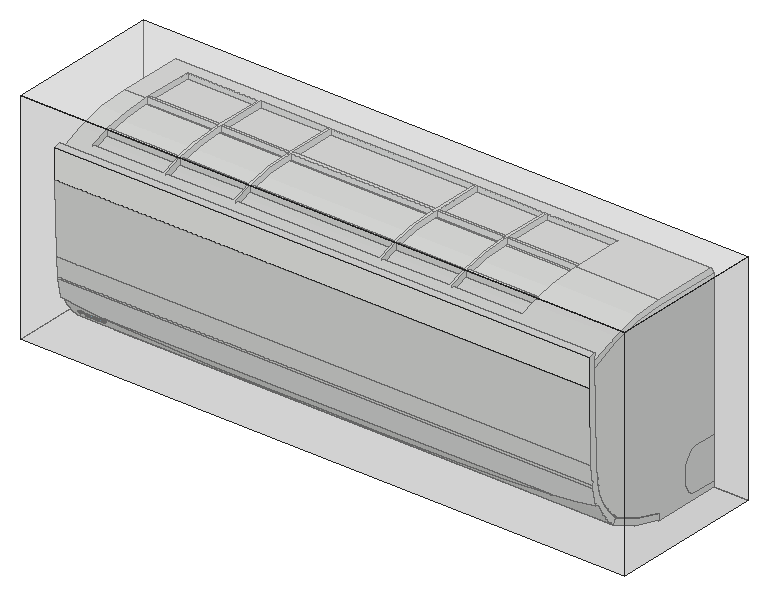
Revit family "outputfile", category 機械設備, Revit 2024 (continued)
Definition of nested family "DAIKIN_indoorunit_FTXV-W2VMA"
  Automatic sketch dimensions
    plane 1 "Center (Front/Back)" to Extrusion 20 sketch curve = 108.136 mm
    Extrusion 20 sketch curve to Extrusion 20 sketch curve = 14.543 mm
    plane 1 "Center (Front/Back)" to Extrusion 20 sketch curve = 92.093 mm
    Extrusion 20 sketch curve to Extrusion 20 sketch curve = 1.354 mm
    Extrusion 20 sketch curve to level = 72.0 mm
    Extrusion 20 sketch curve to Extrusion 20 sketch curve = 0.504 mm
    Extrusion 20 sketch curve to Extrusion 20 sketch curve = 98.416 mm
    Extrusion 20 sketch curve to Extrusion 20 sketch curve = 0.896 mm
    Extrusion 20 sketch curve to Extrusion 20 sketch curve = 76.3 mm
    Extrusion 20 sketch curve to Extrusion 20 sketch curve = 7.433 mm
    Extrusion 20 sketch curve to Extrusion 20 sketch curve = 26.684 mm
    Extrusion 20 sketch curve to Extrusion 20 sketch curve = 8.909 mm
    plane 1 "Center (Front/Back)" to Extrusion 21 sketch curve = 218.957 mm
    Extrusion 21 sketch curve to Extrusion 21 sketch curve = 5.601 mm
    Extrusion 21 sketch curve to Extrusion 21 sketch curve = 65.735 mm
    Extrusion 21 sketch curve to Extrusion 21 sketch curve = 1.462 mm
    Extrusion 21 sketch curve to Extrusion 21 sketch curve = 83.356 mm
    plane 1 "Center (Front/Back)" to Extrusion 21 sketch curve = 92.093 mm
    Extrusion 21 sketch curve to Extrusion 21 sketch curve = 1.354 mm
    Extrusion 21 sketch curve to level = 291.755 mm
    Extrusion 21 sketch curve to Extrusion 21 sketch curve = 8.588 mm
    Extrusion 21 sketch curve to Extrusion 21 sketch curve = 29.018 mm
    Extrusion 21 sketch curve to Extrusion 21 sketch curve = 7.433 mm
    Extrusion 21 sketch curve to Extrusion 21 sketch curve = 75.403 mm
    Extrusion 21 sketch curve to Extrusion 21 sketch curve = 0.896 mm
    Extrusion 21 sketch curve to level = 72.504 mm
    Extrusion 21 sketch curve to Extrusion 21 sketch curve = 0.504 mm
    plane 1 "Center (Front/Back)" to Extrusion 22 sketch curve = 164.0 mm
    Extrusion 22 sketch curve to Extrusion 22 sketch curve = 34.0 mm
    plane 1 "Center (Front/Back)" to Extrusion 22 sketch curve = 92.093 mm
    Extrusion 22 sketch curve to Extrusion 22 sketch curve = 1.354 mm
    Extrusion 22 sketch curve to level = 291.755 mm
    Extrusion 22 sketch curve to Extrusion 22 sketch curve = 8.588 mm
    Extrusion 22 sketch curve to Extrusion 22 sketch curve = 0.077 mm
    Extrusion 22 sketch curve to Extrusion 22 sketch curve = 9.207 mm
    plane 1 "Center (Front/Back)" to Extrusion 23 sketch curve = 218.957 mm
    Extrusion 23 sketch curve to Extrusion 23 sketch curve = 5.601 mm
    Extrusion 23 sketch curve to Extrusion 23 sketch curve = 49.356 mm
    Extrusion 23 sketch curve to Extrusion 23 sketch curve = 65.735 mm
    Extrusion 23 sketch curve to Extrusion 23 sketch curve = 1.462 mm
    plane 1 "Center (Front/Back)" to Extrusion 23 sketch curve = 92.093 mm
    Extrusion 23 sketch curve to Extrusion 23 sketch curve = 1.354 mm
    Extrusion 23 sketch curve to level = 283.089 mm
    Extrusion 23 sketch curve to Extrusion 23 sketch curve = 9.207 mm
    Extrusion 23 sketch curve to Extrusion 23 sketch curve = 19.733 mm
    Extrusion 23 sketch curve to Extrusion 23 sketch curve = 7.433 mm
    Extrusion 23 sketch curve to Extrusion 23 sketch curve = 75.403 mm
    Extrusion 23 sketch curve to Extrusion 23 sketch curve = 0.896 mm
    Extrusion 23 sketch curve to level = 72.504 mm
    Extrusion 23 sketch curve to Extrusion 23 sketch curve = 0.504 mm
    Extrusion 24 sketch curve to level = 276.055 mm
    plane 1 "Center (Front/Back)" to Extrusion 24 sketch curve = 639.709 mm
    plane 1 "Center (Front/Back)" to Extrusion 24 sketch curve = 258.299 mm
    Extrusion 24 sketch curve to Extrusion 24 sketch curve = 2.64 mm
    Extrusion 24 sketch curve to Extrusion 24 sketch curve = 35.942 mm
    Extrusion 24 sketch curve to Extrusion 24 sketch curve = 1.937 mm
    Extrusion 24 sketch curve to Extrusion 24 sketch curve = 20.299 mm
    Extrusion 24 sketch curve to Extrusion 24 sketch curve = 45.88 mm
    Extrusion 24 sketch curve to Extrusion 24 sketch curve = 41.737 mm
    Extrusion 24 sketch curve to Extrusion 24 sketch curve = 13.741 mm
    Extrusion 24 sketch curve to Extrusion 24 sketch curve = 3.448 mm
    Extrusion 24 sketch curve to level = 253.495 mm
    Extrusion 24 sketch curve to Extrusion 24 sketch curve = 2.571 mm
    Extrusion 24 sketch curve to Extrusion 24 sketch curve = 37.558 mm
    Extrusion 24 sketch curve to Extrusion 24 sketch curve = 33.63 mm
    Extrusion 24 sketch curve to Extrusion 24 sketch curve = 0.492 mm
    Extrusion 24 sketch curve to Extrusion 24 sketch curve = 40.059 mm
    Extrusion 24 sketch curve to Extrusion 24 sketch curve = 22.435 mm
    Extrusion 24 sketch curve to Extrusion 24 sketch curve = 1.992 mm
    Extrusion 24 sketch curve to Extrusion 24 sketch curve = 37.063 mm
    Extrusion 24 sketch curve to Extrusion 24 sketch curve = 0.0 mm
    Extrusion 24 sketch curve to Extrusion 24 sketch curve = 4.147 mm
    Extrusion 25 sketch curve to Extrusion 25 sketch curve = 0.0 mm  (x4)
    Extrusion 25 sketch curve to plane 1 "Center (Front/Back)" = 0.0 mm
    plane 1 "Center (Front/Back)" to Extrusion 25 sketch curve = 87.233 mm
    Extrusion 25 sketch curve to Extrusion 25 sketch curve = 3.506 mm
    Extrusion 25 sketch curve to Extrusion 25 sketch curve = 92.593 mm
    Extrusion 25 sketch curve to Extrusion 25 sketch curve = 45.42 mm
    Extrusion 25 sketch curve to Extrusion 25 sketch curve = 58.927 mm
    Extrusion 25 sketch curve to Extrusion 25 sketch curve = 74.393 mm
    Extrusion 25 sketch curve to Extrusion 25 sketch curve = 2.031 mm
    Extrusion 25 sketch curve to level = 58.927 mm
    Extrusion 25 sketch curve to plane 1 "Center (Front/Back)" = 1866.935 mm
    Extrusion 25 sketch curve to level = 72.504 mm
    Extrusion 25 sketch curve to Extrusion 25 sketch curve = 74.381 mm
    Extrusion 25 sketch curve to Extrusion 25 sketch curve = 24.427 mm
    Extrusion 25 sketch curve to Extrusion 25 sketch curve = 74.426 mm
    Extrusion 25 sketch curve to Extrusion 25 sketch curve = 0.483 mm
    Extrusion 25 sketch curve to Extrusion 25 sketch curve = 4.137 mm
    Extrusion 25 sketch curve to Extrusion 25 sketch curve = 31.393 mm
    Extrusion 25 sketch curve to Extrusion 25 sketch curve = 9.215 mm
    Extrusion 25 sketch curve to level = 8.0 mm
    Extrusion 26 sketch curve to plane 1 "Center (Front/Back)" = 0.0 mm
    Extrusion 26 sketch curve to Extrusion 26 sketch curve = 20.0 mm  (x2)
    Extrusion 26 sketch curve to level = 287.035 mm
    Extrusion 27 sketch curve to plane 1 "Center (Front/Back)" = 0.0 mm
    Extrusion 27 sketch curve to Extrusion 27 sketch curve = 20.0 mm  (x2)
    Extrusion 27 sketch curve to level = 287.035 mm
    plane 1 "Center (Front/Back)" to Extrusion 28 sketch curve = 0.0 mm  (x2)
    plane 3 "Center (Left/Right)" to Extrusion 28 sketch curve = 469.0 mm
    Extrusion 28 sketch curve to Extrusion 28 sketch curve = 20.0 mm  (x4)
    Extrusion 28 sketch curve to plane 3 "Center (Left/Right)" = 409.0 mm
  Nested families
    nested 1: "daikin_logo_plane_w40" at (-320, -198.871, -233.244) x (1, 0, 0) z (0, -0.7841, -0.6206), visible <- "switch_unit1_20-46", type "daikin_logo_plane_w40"
      with show_logo yes
    nested 2: "daikin_logo_plane_w40" at (-430, -237.74, -233.244) x (1, 0, 0) z (0, -0.7841, -0.6206), visible <- "switch_unit1_50-71", type "daikin_logo_plane_w40"
      with show_logo yes
  Definition of nested family "daikin_logo_plane_w40"
    Parameters (values of type "daikin_logo_plane_w40")
      width = 40.0 mm
      show_logo [instance] = yes
      material = none
      height = 0.0 mm
      depth = 0.0 mm
      Default Elevation = 1219.2 mm
    Reference planes
      plane 1 "Center (Front/Back)": y = 0
      plane 2: z = 0
      plane 3 "Center (Left/Right)": x = 0
      plane 4: z = 2
      plane 5 "left": x = -19
      plane 6: x = 19
    Forms (mm)
      Extrusion 1, solid, visible <- "show_logo"
        sketch origin (-19, 0, 0) x (1, 0, 0) y (0, 1, 0)
          loop
            line (8.902, -1.878) -> (7.789, -6.332) -> (11.13, -6.332)
            arc (11.13, -6.332) -> (12.454, -6.064) -> (13.472, -5.176) r 2.642
            arc (13.472, -5.176) -> (13.92, -4.02) -> (13.767, -2.79) r 2.537
            arc (13.767, -2.79) -> (13.452, -2.342) -> (12.982, -2.06) r 1.321
            arc (12.982, -2.06) -> (12.063, -1.902) -> (11.13, -1.878) r 6.479
            line (11.13, -1.878) -> (8.902, -1.878)
          loop
            line (10.016, -5.441) -> (10.907, -5.441)
            arc (10.907, -5.441) -> (11.591, -4.983) -> (11.988, -4.261) r 1.742
            spline (11.988, -4.261) -> (12.01, -4.155) -> (12.027, -4.03) -> (12.037, -3.893) -> (12.037, -3.747) -> (12.026, -3.598) -> (12.002, -3.451) -> (11.962, -3.31) -> (11.905, -3.181) -> (11.829, -3.069) -> (11.731, -2.978) -> (11.61, -2.913) -> (11.464, -2.88)
            line (11.464, -2.88) -> (10.573, -2.88) -> (10.016, -5.441)
          loop
            line (13.58, -6.332) -> (14.805, -6.332) -> (15.223, -5.553) -> (16.977, -5.553) -> (17.144, -6.332) -> (19.149, -6.332) -> (18.258, -1.878) -> (16.03, -1.878) -> (13.58, -6.332)
          loop
            line (16.476, -3.214) -> (15.76, -4.551) -> (16.762, -4.551) -> (16.476, -3.214)
          loop
            line (19.705, -6.332) -> (21.599, -6.332) -> (22.712, -1.878) -> (20.819, -1.878) -> (19.705, -6.332)
          loop
            line (22.712, -6.332) -> (24.606, -6.332) -> (24.908, -5.122) -> (25.831, -6.332) -> (28.17, -6.332) -> (26.388, -3.994) -> (28.949, -1.878) -> (26.945, -1.878) -> (25.401, -3.153) -> (25.719, -1.878) -> (23.826, -1.878) -> (22.712, -6.332)
          loop
            line (29.84, -1.878) -> (28.615, -6.332) -> (30.62, -6.332) -> (31.734, -1.878) -> (29.84, -1.878)
          loop
            line (31.734, -6.332) -> (33.07, -6.332) -> (33.7, -3.814) -> (34.518, -6.332) -> (36.745, -6.332) -> (37.859, -1.878) -> (36.523, -1.878) -> (35.845, -4.589) -> (34.963, -1.878) -> (32.847, -1.878) -> (31.734, -6.332)
        from 0 to 2
      Extrusion 2, solid, visible <- "show_logo"
        sketch origin (-19, 0, 0) x (1, 0, 0) y (0, 1, 0)
          loop
            line (8.7, 0) -> (4.235, 0) -> (0, -3.879) -> (0, -8) -> (8.7, 0)
        from 0 to 2
      Extrusion 3, solid, visible <- "show_logo"
        sketch origin (-19, 0, 0) x (1, 0, 0) y (0, 1, 0)
          loop
            line (0, 0) -> (0, -3.879) -> (4.235, 0) -> (0, 0)
        from 0 to 2
    Dimensions and locks
      plane 4 to plane 2 = 2.0 mm
      equal spacing: plane 5 "left", plane 3 "Center (Left/Right)", plane 6
      locked: plane 5 "left" to plane 6 at 38
      aligned and locked: level to plane 2
      aligned and locked: Extrusion 3 to plane 1 "Center (Front/Back)"  (x2)
      aligned and locked: Extrusion 2 to plane 1 "Center (Front/Back)"  (x2)
      aligned and locked: plane 4 to Extrusion 1
      aligned and locked: plane 4 to Extrusion 3
      aligned and locked: plane 4 to Extrusion 2
      aligned and locked: Extrusion 3 to plane 5 "left"
      aligned and locked: Extrusion 2 to plane 5 "left"
    Automatic sketch dimensions
      Extrusion 1 sketch curve to Extrusion 1 sketch curve = 0.901 mm
      Extrusion 1 sketch curve to Extrusion 1 sketch curve = 1.559 mm
      Extrusion 1 sketch curve to Extrusion 1 sketch curve = 1.327 mm
      Extrusion 1 sketch curve to Extrusion 1 sketch curve = 2.145 mm
      Extrusion 1 sketch curve to Extrusion 1 sketch curve = 1.448 mm
      Extrusion 1 sketch curve to Extrusion 1 sketch curve = 2.116 mm
      Extrusion 1 sketch curve to Extrusion 1 sketch curve = 1.114 mm  (x4)
      Extrusion 1 sketch curve to Extrusion 1 sketch curve = 1.336 mm  (x2)
      plane 1 "Center (Front/Back)" to Extrusion 1 sketch curve = 1.878 mm  (x5)
      Extrusion 1 sketch curve to Extrusion 1 sketch curve = 1.893 mm  (x5)
      Extrusion 1 sketch curve to Extrusion 1 sketch curve = 0.891 mm  (x4)
      Extrusion 1 sketch curve to Extrusion 1 sketch curve = 2.005 mm  (x3)
      Extrusion 1 sketch curve to Extrusion 1 sketch curve = 0.445 mm  (x2)
      plane 1 "Center (Front/Back)" to Extrusion 1 sketch curve = 3.994 mm
      Extrusion 1 sketch curve to Extrusion 1 sketch curve = 0.557 mm  (x2)
      Extrusion 1 sketch curve to Extrusion 1 sketch curve = 2.339 mm  (x2)
      Extrusion 1 sketch curve to Extrusion 1 sketch curve = 1.225 mm  (x3)
      plane 1 "Center (Front/Back)" to Extrusion 1 sketch curve = 3.153 mm
      Extrusion 1 sketch curve to Extrusion 1 sketch curve = 0.987 mm
      plane 1 "Center (Front/Back)" to Extrusion 1 sketch curve = 5.122 mm
      Extrusion 1 sketch curve to Extrusion 1 sketch curve = 0.922 mm
      plane 1 "Center (Front/Back)" to Extrusion 1 sketch curve = 6.332 mm
      Extrusion 1 sketch curve to Extrusion 1 sketch curve = 2.562 mm
      plane 1 "Center (Front/Back)" to Extrusion 1 sketch curve = 5.553 mm
      Extrusion 1 sketch curve to Extrusion 1 sketch curve = 0.167 mm
      Extrusion 1 sketch curve to Extrusion 1 sketch curve = 0.215 mm
      plane 1 "Center (Front/Back)" to Extrusion 1 sketch curve = 3.214 mm
      Extrusion 1 sketch curve to Extrusion 1 sketch curve = 0.286 mm
      plane 1 "Center (Front/Back)" to Extrusion 1 sketch curve = 4.551 mm
      Extrusion 1 sketch curve to Extrusion 1 sketch curve = 1.002 mm
      Extrusion 1 sketch curve to Extrusion 1 sketch curve = 0.537 mm
      Extrusion 1 sketch curve to Extrusion 1 sketch curve = 0.418 mm
      Extrusion 1 sketch curve to Extrusion 1 sketch curve = 1.028 mm
      plane 1 "Center (Front/Back)" to Extrusion 1 sketch curve = 4.261 mm
      Extrusion 1 sketch curve to Extrusion 1 sketch curve = 0.563 mm
      plane 1 "Center (Front/Back)" to Extrusion 1 sketch curve = 2.88 mm
      Extrusion 1 sketch curve to Extrusion 1 sketch curve = 1.088 mm
      Extrusion 1 sketch curve to Extrusion 1 sketch curve = 2.152 mm
      Extrusion 1 sketch curve to Extrusion 1 sketch curve = 0.586 mm
      Extrusion 1 sketch curve to Extrusion 1 sketch curve = 0.118 mm
      Extrusion 1 sketch curve to Extrusion 1 sketch curve = 0.298 mm
      Extrusion 1 sketch curve to Extrusion 1 sketch curve = 0.334 mm
      Extrusion 1 sketch curve to Extrusion 1 sketch curve = 0.223 mm
      Extrusion 1 sketch curve to Extrusion 1 sketch curve = 0.266 mm
      Extrusion 1 sketch curve to Extrusion 1 sketch curve = 1.671 mm
      Extrusion 1 sketch curve to Extrusion 1 sketch curve = 2.227 mm
      Extrusion 1 sketch curve to Extrusion 1 sketch curve = 0.0 mm  (x7)
      Extrusion 1 sketch curve to Extrusion 1 sketch curve = 3.453 mm
      Extrusion 1 sketch curve to Extrusion 1 sketch curve = 2.017 mm
      Extrusion 1 sketch curve to Extrusion 1 sketch curve = 0.78 mm  (x2)
      Extrusion 1 sketch curve to Extrusion 1 sketch curve = 1.743 mm
      Extrusion 1 sketch curve to Extrusion 1 sketch curve = 0.775 mm
      Extrusion 1 sketch curve to Extrusion 1 sketch curve = 0.552 mm
      Extrusion 1 sketch curve to Extrusion 1 sketch curve = 0.014 mm
      Extrusion 1 sketch curve to Extrusion 1 sketch curve = 0.952 mm
      Extrusion 1 sketch curve to Extrusion 1 sketch curve = 1.215 mm
      Extrusion 1 sketch curve to Extrusion 1 sketch curve = 0.108 mm
      plane 1 "Center (Front/Back)" to Extrusion 2 sketch curve = 0.0 mm
      Extrusion 2 sketch curve to plane 3 "Center (Left/Right)" = 19.0 mm
      Extrusion 2 sketch curve to plane 3 "Center (Left/Right)" = 14.765 mm
      Extrusion 2 sketch curve to Extrusion 2 sketch curve = 4.465 mm
      plane 1 "Center (Front/Back)" to Extrusion 2 sketch curve = 3.879 mm
      Extrusion 2 sketch curve to Extrusion 2 sketch curve = 4.12 mm
      plane 1 "Center (Front/Back)" to Extrusion 3 sketch curve = 0.0 mm
      Extrusion 3 sketch curve to plane 3 "Center (Left/Right)" = 19.0 mm
      Extrusion 3 sketch curve to plane 3 "Center (Left/Right)" = 14.765 mm
      plane 1 "Center (Front/Back)" to Extrusion 3 sketch curve = 3.879 mm
      Extrusion 1 sketch curve to plane 3 "Center (Left/Right)" = 11.211 mm
      Extrusion 1 sketch curve to Extrusion 1 sketch curve = 1.782 mm
Definition of nested family "daikin_connector_rotate3"
  Parameters (values of type "daikin_connector_rotate3")
    show [instance] = yes
    radius [instance] = 10.0 mm
    length [instance] = 600.0 mm
    angle_horizontal [instance] = 60.00°
    angle_vertical [instance] = 90.00°
    Default Elevation = 1219.2 mm
  Reference planes
    plane 1 "Center (Front/Back)": y = 0
    plane 2: z = 0
    plane 3 "Center (Left/Right)": x = 0
  Dimensions and locks
    "angle_horizontal": angle plane 3 "Center (Left/Right)" to nested 1
    aligned and locked: level to plane 2
    aligned and locked: plane 1 "Center (Front/Back)" to nested 1  (x2)
    aligned and locked: plane 3 "Center (Left/Right)" to nested 1
  Nested families
    nested 1: "daikin_connector_rotate2" at (0, 0, 0) x (0.5, 0.866, 0) z (0, 0, 1), angle_vertical <- "angle_vertical", length <- "length", radius <- "radius", type "daikin_connector_rotate2"
      with radius 10.0 mm, length 600.0 mm, angle_vertical 90.00°
  Definition of nested family "daikin_connector_rotate2"
    Parameters (values of type "daikin_connector_rotate2")
      show_face = yes
      radius [instance] = 10.0 mm
      length [instance] = 600.0 mm
      d_surface = 10.0 mm
      angle_vertical [instance] = 90.00°
      Default Elevation = 0.0 mm
    Reference planes
      plane 1 "Center (Front/Back)": y = 0
      plane 2: z = 0
      plane 3 "Center (Left/Right)": x = 0
    Forms (mm)
      Extrusion 1, solid, visible <- "show_face"
        sketch origin (0, -600, 0) x (1, 0, 0) y (0, 0, 1)
          loop
            circle (0, 0) r 10
        from 0 to -10
    Lines and regions (mm)
      reference lines
        curve 1: line (0, 0, 0) -> (0, -600, 0)
      symbolic lines
        curve 2: circle (0, 0, 0) r 5 normal (0, 0, 1)
      model lines, visible <- "show_face"
        curve 3: line (0, 0, 0) -> (0, -600, 0)
    Dimensions and locks
      "length": curve 1 to curve 1
      "length": curve 3 to curve 3
      "d_surface": Extrusion 1 to Extrusion 1
      "radius": radius of Extrusion 1 sketch curve
      "angle_vertical": angle curve 1 to plane 1 "Center (Front/Back)"
      "angle_vertical": angle curve 3 to plane 1 "Center (Front/Back)"
      aligned and locked: level to plane 2
      aligned and locked: plane 1 "Center (Front/Back)" to curve 1
      aligned and locked: plane 2 to curve 1
      aligned and locked: plane 1 "Center (Front/Back)" to curve 2
      aligned and locked: plane 3 "Center (Left/Right)" to curve 2
      aligned and locked: plane 1 "Center (Front/Back)" to curve 3
      aligned and locked: plane 2 to curve 3
      aligned and locked: Extrusion 1 to Extrusion 1
    Automatic sketch dimensions
      Extrusion 1 sketch curve to level = 0.0 mm
      Extrusion 1 sketch curve to plane 3 "Center (Left/Right)" = 0.0 mm
      radius of curve 2 = 5.0 mm
